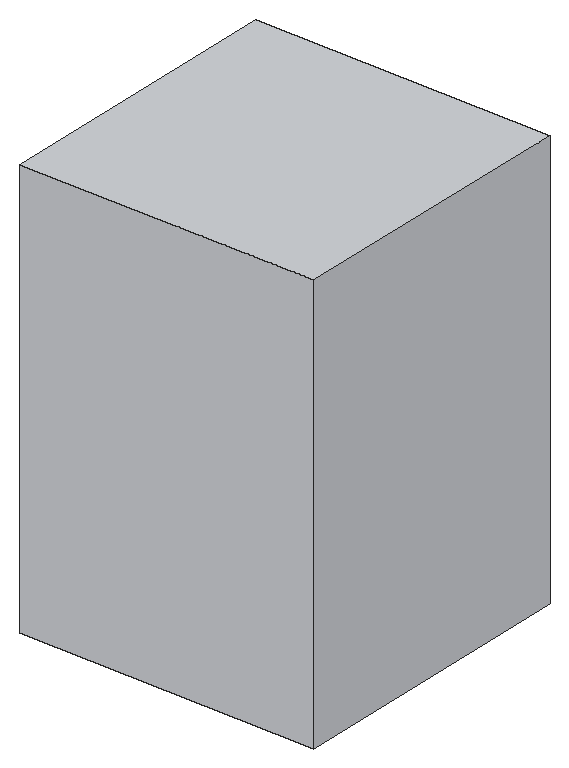
Revit family "75aa18dbba3a4c8699640a4bcf843978", category Site, Revit 2021
Family settings
  Round Connector Dimension = Use Radius
  Part Type = Normal
  Seek Item ID = Sanitary Sewer Connection-0000-USA-ENU
  Work Plane-Based = No
  Always vertical = Yes
  Cut with Voids When Loaded = No
  Shared = No
Parameters (values of type "20"x20"")
  Width = 2' - 4"
  Outlet Radius [instance] = 0' - 4"
  Outlet Diameter [instance] = 2 * Outlet Radius  # 0' - 8"
  Length = 2' - 4"
  Inlet Radius [instance] = 0' - 4"
  Inlet Bottom Offset from Level [instance] = 2' - 8"
  Well Top Offset from Level [instance] = 0' - 8"
  Outlet Bottom Offset from Level [instance] = 2' - 8"
  Inlet Diameter [instance] = 2 * Inlet Radius  # 0' - 8"
  Height = 3' - 4"
Types (4): name | Width | Outlet Radius | Outlet Diameter | Length | Inlet Radius | Inlet Bottom Offset from Level | Outlet Bottom Offset from Level | Inlet Diameter | Height
  (no name) | 2' - 4" | 0' - 4" | 0' - 8" | 2' - 4" | 0' - 4" | 2' - 8" | 2' - 8" | 0' - 8" | 3' - 4"
  20"x20" | 2' - 4" | 0' - 4" | 0' - 8" | 2' - 4" | 0' - 4" | 2' - 8" | 2' - 8" | 0' - 8" | 3' - 4"
  24"x24" | 3' - 8" | 0' - 6" | 1' - 0" | 3' - 8" | 0' - 6" | 3' - 6" | 3' - 6" | 1' - 0" | 4' - 2"
  28"x28" | 4' - 0" | 0' - 8" | 1' - 4" | 4' - 0" | 0' - 8" | 4' - 10" | 4' - 10" | 1' - 4" | 5' - 0"
Reference planes (in)
  plane 1 "Center (Front/Back)": y = 0
  plane 2: z = 0
  plane 3 "Center (Left/Right)": x = 0
  plane 4: z = -28
  plane 5: x = 28
  plane 6: z = -8
  plane 7: z = -48
  plane 8: y = 14
  plane 9: y = -14
  plane 10: z = -28
  plane 11: z = -32
  plane 12: z = -32
  plane 13: x = 14
Forms (in)
  Extrusion 1, solid
    sketch origin (0, 0, 0) x (1, 0, 0) y (0, 0, 1)
      loop
        line (0, -8) -> (0, -48) -> (28, -48) -> (28, -8) -> (0, -8)
    from -14 to 14
  Extrusion 2, solid
    sketch origin (0, 0, 0) x (0, 1, 0) y (0, 0, 1)
      loop
        circle (0, -28) r 4
    from 0 to 12
  Extrusion 3, solid
    sketch origin (0, 0, 0) x (0, 1, 0) y (0, 0, 1)
      loop
        circle (0, -28) r 4
    from 22.16575 to 28
Cuts and joins
  joined: Extrusion 1, Extrusion 2, Extrusion 3
Dimensions and locks (in)
  "Length": plane 5 to plane 3 "Center (Left/Right)"
  "Height": plane 6 to plane 7
  equal spacing: plane 9, plane 1 "Center (Front/Back)", plane 8
  "Width": plane 8 to plane 9
  "Well Top Offset from Level": plane 2 to plane 6
  "Inlet Radius": plane 10 to plane 11
  "Outlet Radius": plane 4 to plane 12
  "Inlet Bottom Offset from Level": plane 2 to plane 11
  "Outlet Bottom Offset from Level": plane 2 to plane 12
  equal spacing: plane 3 "Center (Left/Right)", plane 13, plane 5
  "Inlet Radius": radius of Extrusion 2 sketch curve
  "Outlet Radius": radius of Extrusion 3 sketch curve
  aligned and locked: level to plane 2
  aligned and locked: plane 3 "Center (Left/Right)" to Extrusion 1 sketch curve
  aligned and locked: Extrusion 1 sketch curve to plane 6
  aligned and locked: plane 7 to Extrusion 1 sketch curve
  aligned and locked: Extrusion 1 sketch curve to plane 5
  aligned and locked: plane 8 to Extrusion 1
  aligned and locked: Extrusion 1 to plane 9
  aligned and locked: plane 10 to Extrusion 2 sketch curve
  aligned and locked: plane 1 "Center (Front/Back)" to Extrusion 2 sketch curve
  aligned and locked: plane 4 to Extrusion 3 sketch curve
  aligned and locked: plane 1 "Center (Front/Back)" to Extrusion 3 sketch curve
  aligned and locked: Extrusion 2 to plane 3 "Center (Left/Right)"
  aligned and locked: plane 5 to Extrusion 3
  aligned and locked: plane 13 to nested 1
  aligned and locked: plane 1 "Center (Front/Back)" to nested 1
Nested families (in)
  nested 1: "Symbol" at (14, 0, 0), type "Symbol"
Connectors (in)
  piping at (0, 0, -28), diameter 8, driven by "Inlet Radius"
    settings: on Extrusion 2, index 1, connector inside diameter 8", connector length 0' - 0", flow factor 0, pipe flow 0 GPM, pressure drop 0.00 psi, fitting loss kfactor 0, connector angle 0.00°, fixture units 0, engagement length 0' - 0", angle of deflection 0.00°, flow configuration 0, flow direction 1, fitting loss method 0, system type 29, joint type 0, gender type 0, connector reference index 2, connector utility 0, adjustable connector no, is connector primary yes, connector description "Sanitary In"
  piping at (28, 0, -28), diameter 8, driven by "Outlet Radius"
    settings: on Extrusion 3, index 2, connector inside diameter 8", connector length 0' - 0", flow factor 0, pipe flow 0 GPM, pressure drop 0.00 psi, fitting loss kfactor 0, connector angle 0.00°, fixture units 0, engagement length 0' - 0", angle of deflection 0.00°, flow configuration 0, flow direction 2, fitting loss method 0, system type 29, joint type 0, gender type 0, connector reference index 1, connector utility 1, adjustable connector no, is connector primary no, connector description "Sanitary Out"
Definition of nested family "Symbol"
  Reference planes (in)
    plane 1: y = 0
    plane 2: x = 0
  Text (in)
    text "Sanitary" at (-0.22748, 0.07572, 0)
